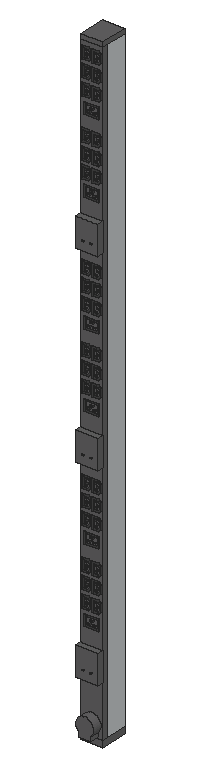
Revit family "PDU básico", category Installations électriques, Revit 2020
Family settings
  Conserver l'orientation des annotations = Non
  Cote de connecteur circulaire = Utiliser le diamètre
  Type d'élément = Normal
  Numéro OmniClass = 23.80.00.00
  Titre OmniClass = Electric Power and Lighting
  Basée sur le plan de construction = Non
  Toujours verticalement = Oui
  Couper avec des vides une fois chargée = Non
  Partagée = Non
  Point de calcul de pièce = Non
Parameters (values of type "PDU HD 0U 3P 32A 36xC13+6xC19")
  Tipo de tensión = "AC"  # constant formula
  Tipo de conexión eléctrica = "CEE 32 A"
  Sección de cable MIN_MAX = "6-6"
  Programación = "Non applicable"
  Profundidad (mm) = 82.4 mm
  Profondeur cuve + capot = 65 mm
  Prise_alimentation = Alimentation : Prise rotative
  Número de tomas C19 = 6
  Número de tomas C13 = 36
  Número de pieza Legrand = "LG-646975"
  Número de fases = 3
  Número de disyuntores = 6
  Numero RAL = "9017"  # constant formula
  Marcaje = yes
  Longitud = 1488 mm
  IP = "IP20"
  Función = "Unidad DE DISTRIBUTION D'ENERGIE"  # constant formula
  Frecuencia eléctrica = "50-50"  # constant formula
  Formulación BIM = "Linkeo DATA CENTER BASIC PDU"  # constant formula
  Fabricant = "LEGRAND"  # constant formula
  Elévation par défaut = 0 mm
  EAN = "3414972471497"
  E-catalogo enlace = "https://www.legrand.fr/reference/646975/pro"
  Dirección de montaje = "Vertical"
  Description = "PDU HD BASIC 0U 3 PHASE 32A , 36+6 C13/C19 LOCKING OUTLETS, IEC 60309"
  Corriente de alimentación = "32-32"
  Consumo pasivo = 0 mA
  Conectable con internet box = no
  Color = "Negro"  # constant formula
  Clase de aplicación = "EC002762"  # constant formula
  Anchura (mm) = 52 mm
  646975 = yes
  646974 = no
  646973 = no
  646972 = no
  646971 = no
  646965 = no
  646964 = no
  646963 = no
  646962 = no
  646961 = no
  646960 = no
  646911 = no
  646910 = no
Reference planes
  plane 1 "Centre (avant/arrière)": y = 0
  plane 2: z = 0
  plane 3 "Centre (gauche/droite)": x = 0
  plane 4: x = -26
  plane 5: x = 26
  plane 6: y = -65
  plane 7: z = 1488
  plane 8: y = -55
  plane 9: z = 1477
  plane 10: z = 15
Forms (mm)
  Extrusion 1, solid, material "LEGRAND - Noir 9017"
    sketch origin (0, 0, 0) x (1, 0, 0) y (0, 1, 0)
      loop
        line (-26, 0) -> (-26, -65) -> (26, -65) -> (26, 0) -> (-26, 0)
    from 0 to 15
  Extrusion 2, solid, material "LEGRAND - Inox"
    sketch origin (0, 0, 0) x (1, 0, 0) y (0, 1, 0)
      loop
        line (-26, 0) -> (-26, -55) -> (26, -55) -> (26, 0) -> (-26, 0)
    from 15 to 1477
  Extrusion 3, solid, material "LEGRAND - Noir 9017"
    sketch origin (0, 0, 0) x (1, 0, 0) y (0, 1, 0)
      loop
        line (-26, -55) -> (-26, -65) -> (26, -65) -> (26, -55) -> (-26, -55)
    from 15 to 1477
  Extrusion 4, solid, material "LEGRAND - Noir 9017"
    sketch origin (0, 0, 0) x (1, 0, 0) y (0, 1, 0)
      loop
        line (-26, 0) -> (-26, -65) -> (26, -65) -> (26, 0) -> (-26, 0)
    from 1477 to 1488
Dimensions and locks
  equal spacing: plane 5, plane 3 "Centre (gauche/droite)", plane 4
  "Anchura (mm)": plane 5 to plane 4
  "Profondeur cuve + capot": plane 6 to plane 1 "Centre (avant/arrière)"
  locked: plane 8 to plane 6 at 10
  locked: plane 7 to plane 9 at 11
  locked: plane 10 to plane 2 at 15
  "Longitud": plane 7 to plane 2
  aligned and locked: level to plane 2
  aligned and locked: plane 1 "Centre (avant/arrière)" to Extrusion 1 sketch curve
  aligned and locked: Extrusion 1 sketch curve to plane 5
  aligned and locked: plane 4 to Extrusion 1 sketch curve
  aligned and locked: plane 1 "Centre (avant/arrière)" to Extrusion 2 sketch curve
  aligned and locked: Extrusion 2 sketch curve to plane 5
  aligned and locked: plane 8 to Extrusion 2 sketch curve
  aligned and locked: plane 4 to Extrusion 2 sketch curve
  aligned and locked: plane 9 to Extrusion 2
  aligned and locked: plane 4 to Extrusion 3 sketch curve
  aligned and locked: Extrusion 3 sketch curve to plane 5
  aligned and locked: Extrusion 3 sketch curve to plane 8
  aligned and locked: plane 6 to Extrusion 3 sketch curve
  aligned and locked: plane 9 to Extrusion 3
  aligned and locked: plane 6 to Extrusion 1 sketch curve
  aligned and locked: plane 1 "Centre (avant/arrière)" to Extrusion 4 sketch curve
  aligned and locked: Extrusion 4 sketch curve to plane 5
  aligned and locked: plane 6 to Extrusion 4 sketch curve
  aligned and locked: plane 4 to Extrusion 4 sketch curve
  aligned and locked: plane 7 to Extrusion 4
  aligned and locked: Extrusion 4 to plane 9
  aligned and locked: nested 1 to plane 6
  aligned and locked: plane 3 "Centre (gauche/droite)" to nested 1
  aligned and locked: Extrusion 3 to plane 10
  aligned and locked: plane 10 to Extrusion 1
  aligned and locked: Extrusion 1 to plane 2
  aligned and locked: Extrusion 2 to plane 10
  aligned and locked: nested 2 to plane 6
  aligned and locked: plane 3 "Centre (gauche/droite)" to nested 2
Nested families
  nested 1: "Basic PDU_Prises" at (0, -65, 0), type "Basic PDU_Prises", detail levels fine
    with 646975 yes, 646910 no
  nested 2: "Alimentation" at (0, -65, 0), type <- "Prise_alimentation", type "Prise rotative"
Connectors
  electrical at (0, -32.5, 0)
    settings: on Extrusion 1, index 1, voltage 0 V, apparent load 0 VA, apparent load phase1 0 VA, apparent load phase2 0 VA, apparent load phase3 0 VA, power factor 1, load classification "Autre", number of poles 1, system type 31, power factor state 1, is connector primary yes, connector utility no, sub classification motor no, connector description ""
Definition of nested family "Basic PDU_Prises"
  Parameters (values of type "Basic PDU_Prises")
    Default Elevation = 0 mm
    646975 = no
    646974 = no
    646973 = no
    646972 = no
    646971 = no
    646965 = no
    646964 = no
    646963 = no
    646962 = no
    646961 = no
    646960 = no
    646911 = no
    646910 = yes
  Reference planes
    plane 1 "Centre (avant/arrière)": y = 0
    plane 2: z = 0
    plane 3 "Centre (gauche/droite)": x = 0
    plane 4: x = -22.15
    plane 5: x = 22.15
    plane 6: x = -26
    plane 7: x = 26
  Lines and regions (mm)
    model lines, visible <- "646910"
      curve 1: line (-26, 0, 70.176) -> (26, 0, 70.176)
      curve 2: line (-26, 0, 115.174) -> (26, 0, 115.174)
      curve 3: line (-26, 0, 199.026) -> (26, 0, 199.026)
      curve 4: line (-26, 0, 316.162) -> (26, 0, 316.162)
      curve 5: line (-26, 0, 433.215) -> (26, 0, 433.215)
      curve 6: line (-26, 0, 448.161) -> (26, 0, 448.161)
      curve 7: line (-26, 0, 532.002) -> (26, 0, 532.002)
      curve 8: line (-26, 0, 649.189) -> (26, 0, 649.189)
      curve 9: line (-26, 0, 766.177) -> (26, 0, 766.177)
      curve 10: line (-26, 0, 865.101) -> (26, 0, 865.101)
      curve 11: line (-26, 0, 982.199) -> (26, 0, 982.199)
      curve 12: line (-26, 0, 781.274) -> (26, 0, 781.274)
    model lines, visible <- "646911"
      curve 13: line (-26, 0, 1039.117) -> (26, 0, 1039.117)
      curve 14: line (-26, 0, 961.117) -> (26, 0, 961.117)
      curve 15: line (-26, 0, 778.196) -> (26, 0, 778.196)
      curve 16: line (-26, 0, 877.193) -> (26, 0, 877.193)
      curve 17: line (-26, 0, 793.193) -> (26, 0, 793.193)
      curve 18: line (-26, 0, 700.123) -> (26, 0, 700.123)
      curve 19: line (-26, 0, 622.123) -> (26, 0, 622.123)
      curve 20: line (-26, 0, 622.123) -> (26, 0, 622.123)
      curve 21: line (-26, 0, 439.201) -> (26, 0, 439.201)
      curve 22: line (-26, 0, 538.199) -> (26, 0, 538.199)
      curve 23: line (-26, 0, 454.199) -> (26, 0, 454.199)
      curve 24: line (-26, 0, 361.128) -> (26, 0, 361.128)
      curve 25: line (-26, 0, 283.128) -> (26, 0, 283.128)
      curve 26: line (-26, 0, 199.204) -> (26, 0, 199.204)
      curve 27: line (-26, 0, 115.204) -> (26, 0, 115.204)
      curve 28: line (-26, 0, 70.494) -> (26, 0, 70.494)
    model lines, visible <- "646960"
      curve 29: line (-22.15, 0, 241.166) -> (22.15, 0, 241.166)
      curve 30: line (-22.15, 0, 340.125) -> (22.15, 0, 340.125)
      curve 31: line (-22.15, 0, 439.084) -> (22.15, 0, 439.084)
      curve 32: line (-22.15, 0, 664.004) -> (22.15, 0, 664.004)
      curve 33: line (-22.15, 0, 763.004) -> (22.15, 0, 763.004)
      curve 34: line (-22.15, 0, 862.004) -> (22.15, 0, 862.004)
      curve 35: line (-22.15, 0, 115.214) -> (22.15, 0, 115.214)
      curve 36: line (-22.15, 0, 70.195) -> (22.15, 0, 70.195)
      curve 37: line (-22.15, 0, 538.052) -> (22.15, 0, 538.052)
    model lines, visible <- "646961"
      curve 38: line (-22.15, 0, 60.018) -> (22.15, 0, 60.018)
      curve 39: line (-22.15, 0, 473.857) -> (22.15, 0, 473.857)
      curve 40: line (-22.15, 0, 143.84) -> (22.15, 0, 143.84)
      curve 41: line (-22.15, 0, 242.799) -> (22.15, 0, 242.799)
      curve 42: line (-22.15, 0, 557.678) -> (22.15, 0, 557.678)
      curve 43: line (-22.15, 0, 656.653) -> (22.15, 0, 656.653)
      curve 44: line (-22.15, 0, 341.759) -> (22.15, 0, 341.759)
      curve 45: line (-22.15, 0, 407.759) -> (22.15, 0, 407.759)
      curve 46: line (-22.15, 0, 755.637) -> (22.15, 0, 755.637)
      curve 47: line (-22.15, 0, 821.637) -> (22.15, 0, 821.637)
    model lines, visible <- "646962"
      curve 48: line (-22.15, 0, 115.275) -> (22.15, 0, 115.275)
      curve 49: line (-22.15, 0, 70.208) -> (22.15, 0, 70.208)
      curve 50: line (-22.15, 0, 220.205) -> (22.15, 0, 220.205)
      curve 51: line (-22.15, 0, 235.525) -> (22.15, 0, 235.525)
      curve 52: line (-22.15, 0, 649.145) -> (22.15, 0, 649.145)
      curve 53: line (-22.15, 0, 664.465) -> (22.15, 0, 664.465)
      curve 54: line (-22.15, 0, 319.347) -> (22.15, 0, 319.347)
      curve 55: line (-22.15, 0, 418.347) -> (22.15, 0, 418.347)
      curve 56: line (-22.15, 0, 748.286) -> (22.15, 0, 748.286)
      curve 57: line (-22.15, 0, 847.286) -> (22.15, 0, 847.286)
      curve 58: line (-22.15, 0, 517.306) -> (22.15, 0, 517.306)
      curve 59: line (-22.15, 0, 583.306) -> (22.15, 0, 583.306)
      curve 60: line (-22.15, 0, 946.245) -> (22.15, 0, 946.245)
      curve 61: line (-22.15, 0, 1012.245) -> (22.15, 0, 1012.245)
    model lines, visible <- "646963"
      curve 62: line (-22.15, 0, 115.275) -> (22.15, 0, 115.275)
      curve 63: line (-22.15, 0, 70.208) -> (22.15, 0, 70.208)
      curve 64: line (-22.15, 0, 220.205) -> (22.15, 0, 220.205)
      curve 65: line (-22.15, 0, 235.394) -> (22.15, 0, 235.394)
      curve 66: line (-22.15, 0, 361.355) -> (22.15, 0, 361.355)
      curve 67: line (-22.15, 0, 700.025) -> (22.15, 0, 700.025)
      curve 68: line (-22.15, 0, 825.959) -> (22.15, 0, 825.959)
      curve 69: line (-22.15, 0, 486.807) -> (22.15, 0, 486.807)
      curve 70: line (-22.15, 0, 585.807) -> (22.15, 0, 585.807)
      curve 71: line (-22.15, 0, 951.85) -> (22.15, 0, 951.85)
      curve 72: line (-22.15, 0, 1050.85) -> (22.15, 0, 1050.85)
      curve 73: line (-22.15, 0, 684.925) -> (22.15, 0, 684.925)
    model lines, visible <- "646964"
      curve 74: line (-22.15, 0, 70.173) -> (22.15, 0, 70.173)
      curve 75: line (-22.15, 0, 115.18) -> (22.15, 0, 115.18)
      curve 76: line (-22.15, 0, 157.165) -> (22.15, 0, 157.165)
      curve 77: line (-22.15, 0, 256.125) -> (22.15, 0, 256.125)
      curve 78: line (-22.15, 0, 322.125) -> (22.15, 0, 322.125)
      curve 79: line (-22.15, 0, 388.151) -> (22.15, 0, 388.151)
      curve 80: line (-22.15, 0, 403.18) -> (22.15, 0, 403.18)
      curve 81: line (-22.15, 0, 445.165) -> (22.15, 0, 445.165)
      curve 82: line (-22.15, 0, 544.125) -> (22.15, 0, 544.125)
      curve 83: line (-22.15, 0, 610.125) -> (22.15, 0, 610.125)
      curve 84: line (-22.15, 0, 676.151) -> (22.15, 0, 676.151)
      curve 85: line (-22.15, 0, 691.18) -> (22.15, 0, 691.18)
      curve 86: line (-22.15, 0, 733.165) -> (22.15, 0, 733.165)
      curve 87: line (-22.15, 0, 832.125) -> (22.15, 0, 832.125)
      curve 88: line (-22.15, 0, 898.125) -> (22.15, 0, 898.125)
    model lines, visible <- "646965"
      curve 89: line (-22.15, 0, 115.344) -> (22.15, 0, 115.344)
      curve 90: line (-22.15, 0, 199.166) -> (22.15, 0, 199.166)
      curve 91: line (-22.15, 0, 70.09) -> (22.15, 0, 70.09)
      curve 92: line (-22.15, 0, 265.166) -> (22.15, 0, 265.166)
      curve 93: line (-22.15, 0, 331.125) -> (22.15, 0, 331.125)
      curve 94: line (-22.15, 0, 397.125) -> (22.15, 0, 397.125)
      curve 95: line (-22.15, 0, 463.087) -> (22.15, 0, 463.087)
      curve 96: line (-22.15, 0, 478.344) -> (22.15, 0, 478.344)
      curve 97: line (-22.15, 0, 562.166) -> (22.15, 0, 562.166)
      curve 98: line (-22.15, 0, 628.166) -> (22.15, 0, 628.166)
      curve 99: line (-22.15, 0, 694.125) -> (22.15, 0, 694.125)
      curve 100: line (-22.15, 0, 760.125) -> (22.15, 0, 760.125)
      curve 101: line (-22.15, 0, 826.087) -> (22.15, 0, 826.087)
      curve 102: line (-22.15, 0, 841.344) -> (22.15, 0, 841.344)
      curve 103: line (-22.15, 0, 925.166) -> (22.15, 0, 925.166)
      curve 104: line (-22.15, 0, 991.166) -> (22.15, 0, 991.166)
      curve 105: line (-22.15, 0, 1057.125) -> (22.15, 0, 1057.125)
      curve 106: line (-22.15, 0, 1123.125) -> (22.15, 0, 1123.125)
    model lines, visible <- "646971"
      curve 107: line (-26, 0, 114.999) -> (26, 0, 114.999)
      curve 108: line (-26, 0, 70.207) -> (26, 0, 70.207)
      curve 109: line (-26, 0, 235.085) -> (26, 0, 235.085)
      curve 110: line (-26, 0, 220.068) -> (26, 0, 220.068)
      curve 111: line (-26, 0, 361.046) -> (26, 0, 361.046)
      curve 112: line (-26, 0, 486.751) -> (26, 0, 486.751)
      curve 113: line (-26, 0, 603.751) -> (26, 0, 603.751)
      curve 114: line (-26, 0, 720.852) -> (26, 0, 720.852)
      curve 115: line (-26, 0, 735.642) -> (26, 0, 735.642)
      curve 116: line (-26, 0, 861.603) -> (26, 0, 861.603)
      curve 117: line (-26, 0, 987.308) -> (26, 0, 987.308)
      curve 118: line (-26, 0, 1104.308) -> (26, 0, 1104.308)
    model lines, visible <- "646972"
      curve 119: line (-26, 0, 114.999) -> (26, 0, 114.999)
      curve 120: line (-26, 0, 70.207) -> (26, 0, 70.207)
      curve 121: line (-26, 0, 235.085) -> (26, 0, 235.085)
      curve 122: line (-26, 0, 220.068) -> (26, 0, 220.068)
      curve 123: line (-26, 0, 360.725) -> (26, 0, 360.725)
      curve 124: line (-26, 0, 477.725) -> (26, 0, 477.725)
      curve 125: line (-26, 0, 594.725) -> (26, 0, 594.725)
      curve 126: line (-26, 0, 726.698) -> (26, 0, 726.698)
      curve 127: line (-26, 0, 711.681) -> (26, 0, 711.681)
      curve 128: line (-26, 0, 852.338) -> (26, 0, 852.338)
      curve 129: line (-26, 0, 969.338) -> (26, 0, 969.338)
      curve 130: line (-26, 0, 1086.338) -> (26, 0, 1086.338)
    model lines, visible <- "646973"
      curve 131: line (-26, 0, 115.098) -> (26, 0, 115.098)
      curve 132: line (-26, 0, 70.306) -> (26, 0, 70.306)
      curve 133: line (-26, 0, 235.184) -> (26, 0, 235.184)
      curve 134: line (-26, 0, 220.167) -> (26, 0, 220.167)
      curve 135: line (-26, 0, 318.824) -> (26, 0, 318.824)
      curve 136: line (-26, 0, 411.83) -> (26, 0, 411.83)
      curve 137: line (-26, 0, 396.812) -> (26, 0, 396.812)
      curve 138: line (-26, 0, 495.651) -> (26, 0, 495.651)
      curve 139: line (-26, 0, 573.899) -> (26, 0, 573.899)
      curve 140: line (-26, 0, 693.985) -> (26, 0, 693.985)
      curve 141: line (-26, 0, 678.967) -> (26, 0, 678.967)
      curve 142: line (-26, 0, 777.625) -> (26, 0, 777.625)
      curve 143: line (-26, 0, 870.63) -> (26, 0, 870.63)
      curve 144: line (-26, 0, 855.613) -> (26, 0, 855.613)
      curve 145: line (-26, 0, 954.451) -> (26, 0, 954.451)
      curve 146: line (-26, 0, 1032.376) -> (26, 0, 1032.376)
      curve 147: line (-26, 0, 1152.462) -> (26, 0, 1152.462)
      curve 148: line (-26, 0, 1137.445) -> (26, 0, 1137.445)
      curve 149: line (-26, 0, 1236.102) -> (26, 0, 1236.102)
      curve 150: line (-26, 0, 1329.107) -> (26, 0, 1329.107)
      curve 151: line (-26, 0, 1314.09) -> (26, 0, 1314.09)
      curve 152: line (-26, 0, 1412.929) -> (26, 0, 1412.929)
    model lines, visible <- "646974"
      curve 153: line (-26, 0, 115.098) -> (26, 0, 115.098)
      curve 154: line (-26, 0, 70.306) -> (26, 0, 70.306)
      curve 155: line (-26, 0, 235.184) -> (26, 0, 235.184)
      curve 156: line (-26, 0, 220.167) -> (26, 0, 220.167)
      curve 157: line (-26, 0, 318.824) -> (26, 0, 318.824)
      curve 158: line (-26, 0, 450.83) -> (26, 0, 450.83)
      curve 159: line (-26, 0, 435.813) -> (26, 0, 435.813)
      curve 160: line (-26, 0, 534.47) -> (26, 0, 534.47)
      curve 161: line (-26, 0, 651.513) -> (26, 0, 651.513)
      curve 162: line (-26, 0, 771.599) -> (26, 0, 771.599)
      curve 163: line (-26, 0, 756.581) -> (26, 0, 756.581)
      curve 164: line (-26, 0, 855.239) -> (26, 0, 855.239)
      curve 165: line (-26, 0, 987.245) -> (26, 0, 987.245)
      curve 166: line (-26, 0, 972.228) -> (26, 0, 972.228)
      curve 167: line (-26, 0, 1070.885) -> (26, 0, 1070.885)
      curve 168: line (-26, 0, 1187.877) -> (26, 0, 1187.877)
      curve 169: line (-26, 0, 1307.963) -> (26, 0, 1307.963)
      curve 170: line (-26, 0, 1292.946) -> (26, 0, 1292.946)
      curve 171: line (-26, 0, 1391.603) -> (26, 0, 1391.603)
      curve 172: line (-26, 0, 1523.609) -> (26, 0, 1523.609)
      curve 173: line (-26, 0, 1508.592) -> (26, 0, 1508.592)
      curve 174: line (-26, 0, 1607.249) -> (26, 0, 1607.249)
    model lines, visible <- "646975"
      curve 175: line (-26, 0, 115.166) -> (26, 0, 115.166)
      curve 176: line (-26, 0, 70.374) -> (26, 0, 70.374)
      curve 177: line (-26, 0, 235.252) -> (26, 0, 235.252)
      curve 178: line (-26, 0, 220.234) -> (26, 0, 220.234)
      curve 179: line (-26, 0, 277.206) -> (26, 0, 277.206)
      curve 180: line (-26, 0, 409.446) -> (26, 0, 409.446)
      curve 181: line (-26, 0, 394.428) -> (26, 0, 394.428)
      curve 182: line (-26, 0, 451.4) -> (26, 0, 451.4)
      curve 183: line (-26, 0, 568.714) -> (26, 0, 568.714)
      curve 184: line (-26, 0, 688.8) -> (26, 0, 688.8)
      curve 185: line (-26, 0, 673.782) -> (26, 0, 673.782)
      curve 186: line (-26, 0, 730.754) -> (26, 0, 730.754)
      curve 187: line (-26, 0, 862.994) -> (26, 0, 862.994)
      curve 188: line (-26, 0, 847.976) -> (26, 0, 847.976)
      curve 189: line (-26, 0, 904.948) -> (26, 0, 904.948)
      curve 190: line (-26, 0, 1020.462) -> (26, 0, 1020.462)
      curve 191: line (-26, 0, 1140.548) -> (26, 0, 1140.548)
      curve 192: line (-26, 0, 1125.53) -> (26, 0, 1125.53)
      curve 193: line (-26, 0, 1182.502) -> (26, 0, 1182.502)
      curve 194: line (-26, 0, 1314.742) -> (26, 0, 1314.742)
      curve 195: line (-26, 0, 1299.724) -> (26, 0, 1299.724)
      curve 196: line (-26, 0, 1356.695) -> (26, 0, 1356.695)
  Dimensions and locks
    equal spacing: plane 5, plane 3 "Centre (gauche/droite)", plane 4
    locked: plane 5 to plane 4 at 44.3
    equal spacing: plane 7, plane 3 "Centre (gauche/droite)", plane 6
    plane 7 to plane 6 = 52 mm
    aligned and locked: level to plane 2
    aligned and locked: plane 1 "Centre (avant/arrière)" to nested 1
    aligned and locked: plane 1 "Centre (avant/arrière)" to nested 19
    aligned and locked: plane 1 "Centre (avant/arrière)" to nested 67
  Automatic sketch dimensions
    curve 175 to plane 6 = 0 mm
    curve 196 to plane 6 = 0 mm
    curve 177 to plane 6 = 0 mm
    curve 195 to plane 6 = 0 mm
    curve 178 to plane 6 = 0 mm
    curve 194 to plane 6 = 0 mm
    curve 179 to plane 6 = 0 mm
    curve 193 to plane 6 = 0 mm
    curve 180 to plane 6 = 0 mm
    curve 192 to plane 6 = 0 mm
    curve 181 to plane 6 = 0 mm
    curve 191 to plane 6 = 0 mm
    curve 182 to plane 6 = 0 mm
    curve 190 to plane 6 = 0 mm
    curve 183 to plane 6 = 0 mm
    curve 189 to plane 6 = 0 mm
    curve 184 to plane 6 = 0 mm
    curve 188 to plane 6 = 0 mm
    curve 185 to plane 6 = 0 mm
    curve 187 to plane 6 = 0 mm
    curve 186 to plane 6 = 0 mm
    curve 176 to plane 6 = 0 mm
    curve 185 to plane 7 = 0 mm
    curve 187 to plane 7 = 0 mm
    curve 184 to plane 7 = 0 mm
    curve 188 to plane 7 = 0 mm
    curve 183 to plane 7 = 0 mm
    curve 189 to plane 7 = 0 mm
    curve 182 to plane 7 = 0 mm
    curve 190 to plane 7 = 0 mm
    curve 181 to plane 7 = 0 mm
    curve 191 to plane 7 = 0 mm
    curve 180 to plane 7 = 0 mm
    curve 192 to plane 7 = 0 mm
    curve 179 to plane 7 = 0 mm
    curve 193 to plane 7 = 0 mm
    curve 178 to plane 7 = 0 mm
    curve 194 to plane 7 = 0 mm
    curve 177 to plane 7 = 0 mm
    curve 195 to plane 7 = 0 mm
    curve 176 to plane 7 = 0 mm
    curve 186 to plane 7 = 0 mm
    curve 175 to plane 7 = 0 mm
    curve 196 to plane 7 = 0 mm
    level to curve 38 = 60.018 mm
    level to curve 153 = 115.098 mm
    curve 153 to plane 7 = 52 mm
    curve 174 to plane 7 = 52 mm
    curve 153 to curve 154 = 0 mm  (x2)
    curve 174 to curve 173 = 0 mm
    curve 155 to curve 153 = 0 mm
    curve 172 to curve 173 = 0 mm  (x2)
    curve 155 to curve 156 = 0 mm  (x2)
    curve 173 to curve 171 = 0 mm
    curve 157 to curve 155 = 0 mm
    curve 171 to curve 170 = 0 mm
    curve 158 to curve 157 = 0 mm
    curve 169 to curve 170 = 0 mm  (x2)
    curve 158 to curve 159 = 0 mm  (x2)
    curve 170 to curve 168 = 0 mm
    curve 160 to curve 158 = 0 mm
    curve 168 to curve 167 = 0 mm
    curve 161 to curve 160 = 0 mm
    curve 167 to curve 166 = 0 mm
    curve 162 to curve 161 = 0 mm
    curve 165 to curve 166 = 0 mm  (x2)
    curve 162 to curve 163 = 0 mm  (x2)
    curve 164 to curve 162 = 0 mm
    curve 163 to curve 163 = 52 mm
    curve 164 to curve 164 = 52 mm
    curve 165 to curve 165 = 52 mm
    curve 161 to curve 161 = 52 mm
    curve 160 to curve 160 = 52 mm
    curve 167 to curve 167 = 52 mm
    curve 159 to curve 159 = 52 mm
    curve 168 to curve 168 = 52 mm
    curve 169 to curve 169 = 52 mm
    curve 157 to curve 157 = 52 mm
    curve 156 to curve 156 = 52 mm
    curve 171 to curve 171 = 52 mm
    curve 172 to curve 172 = 52 mm
    curve 154 to curve 154 = 52 mm
    curve 174 to curve 174 = 52 mm
    curve 131 to curve 153 = 52 mm
    curve 152 to curve 171 = 52 mm
    curve 133 to curve 131 = 0 mm
    curve 152 to curve 151 = 0 mm
    curve 133 to curve 134 = 0 mm  (x2)
    curve 150 to curve 151 = 0 mm  (x2)
    curve 135 to curve 133 = 0 mm
    curve 151 to curve 149 = 0 mm
    curve 136 to curve 135 = 0 mm
    curve 149 to curve 148 = 0 mm
    curve 136 to curve 137 = 0 mm  (x2)
    curve 147 to curve 148 = 0 mm  (x2)
    curve 138 to curve 136 = 0 mm
    curve 148 to curve 146 = 0 mm
    curve 139 to curve 138 = 0 mm
    curve 146 to curve 145 = 0 mm
    curve 140 to curve 139 = 0 mm
    curve 145 to curve 144 = 0 mm
    curve 140 to curve 141 = 0 mm  (x2)
    curve 143 to curve 144 = 0 mm  (x2)
    curve 144 to curve 142 = 0 mm
    curve 131 to curve 132 = 0 mm  (x2)
    curve 141 to curve 141 = 52 mm
    curve 143 to curve 143 = 52 mm
    curve 139 to curve 139 = 52 mm
    curve 145 to curve 145 = 52 mm
    curve 138 to curve 138 = 52 mm
    curve 146 to curve 146 = 52 mm
    curve 137 to curve 137 = 52 mm
    curve 147 to curve 147 = 52 mm
    curve 135 to curve 135 = 52 mm
    curve 149 to curve 149 = 52 mm
    curve 134 to curve 134 = 52 mm
    curve 150 to curve 150 = 52 mm
    curve 132 to curve 132 = 52 mm
    curve 142 to curve 142 = 52 mm
    curve 152 to curve 152 = 52 mm
    curve 119 to curve 131 = 52 mm
    curve 130 to curve 148 = 52 mm
    curve 121 to curve 119 = 0 mm
    curve 130 to curve 129 = 0 mm
    curve 121 to curve 122 = 0 mm  (x2)
    curve 129 to curve 128 = 0 mm
    curve 123 to curve 121 = 0 mm
    curve 128 to curve 127 = 0 mm
    curve 124 to curve 123 = 0 mm
    curve 126 to curve 127 = 0 mm  (x2)
    curve 127 to curve 125 = 0 mm
    curve 119 to curve 120 = 0 mm  (x2)
    curve 124 to curve 124 = 52 mm
    curve 126 to curve 126 = 52 mm
    curve 123 to curve 123 = 52 mm
    curve 122 to curve 122 = 52 mm
    curve 128 to curve 128 = 52 mm
    curve 129 to curve 129 = 52 mm
    curve 120 to curve 120 = 52 mm
    curve 125 to curve 125 = 52 mm
    curve 130 to curve 130 = 52 mm
    curve 108 to curve 120 = 52 mm
    curve 118 to curve 130 = 52 mm
    curve 107 to curve 108 = 0 mm  (x2)
    curve 118 to curve 117 = 0 mm
    curve 109 to curve 107 = 0 mm
    curve 116 to curve 128 = 52 mm
    curve 109 to curve 110 = 0 mm  (x2)
    curve 115 to curve 126 = 52 mm
    curve 111 to curve 123 = 52 mm
    curve 115 to curve 114 = 0 mm  (x2)
    curve 112 to curve 124 = 52 mm
    curve 113 to curve 112 = 0 mm
    curve 112 to curve 112 = 52 mm
    curve 113 to curve 113 = 52 mm
    curve 111 to curve 111 = 52 mm
    curve 114 to curve 114 = 52 mm
    curve 110 to curve 110 = 52 mm
    curve 116 to curve 116 = 52 mm
    curve 117 to curve 117 = 52 mm
    curve 108 to curve 108 = 52 mm
    curve 118 to curve 118 = 52 mm
    curve 90 to curve 110 = 48.15 mm
    curve 92 to curve 90 = 0 mm
    curve 89 to curve 107 = 48.15 mm
    curve 89 to curve 91 = 0 mm
    curve 93 to curve 92 = 0 mm
    curve 106 to curve 118 = 48.15 mm
    curve 94 to curve 93 = 0 mm
    curve 106 to curve 105 = 0 mm
    curve 95 to curve 94 = 0 mm
    curve 105 to curve 104 = 0 mm
    curve 96 to curve 95 = 0 mm  (x2)
    curve 104 to curve 103 = 0 mm
    curve 97 to curve 113 = 48.15 mm
    curve 102 to curve 116 = 48.15 mm
    curve 98 to curve 97 = 0 mm
    curve 102 to curve 101 = 0 mm  (x2)
    curve 99 to curve 98 = 0 mm
    curve 101 to curve 100 = 0 mm
    curve 99 to curve 99 = 44.3 mm
    curve 100 to curve 100 = 44.3 mm
    curve 98 to curve 98 = 44.3 mm
    curve 101 to curve 101 = 44.3 mm
    curve 97 to curve 97 = 44.3 mm
    curve 96 to curve 96 = 44.3 mm
    curve 103 to curve 103 = 44.3 mm
    curve 104 to curve 104 = 44.3 mm
    curve 94 to curve 94 = 44.3 mm
    curve 105 to curve 105 = 44.3 mm
    curve 93 to curve 93 = 44.3 mm
    curve 106 to curve 106 = 44.3 mm
    curve 92 to curve 92 = 44.3 mm
    curve 91 to curve 91 = 44.3 mm
    curve 90 to curve 90 = 44.3 mm
    curve 89 to curve 89 = 44.3 mm
    curve 75 to curve 89 = 44.3 mm
    curve 88 to curve 103 = 44.3 mm
    curve 76 to curve 75 = 0 mm  (x2)
    curve 88 to curve 87 = 0 mm
    curve 77 to curve 76 = 0 mm
    curve 87 to curve 86 = 0 mm
    curve 75 to curve 74 = 0 mm
    curve 86 to curve 85 = 0 mm
    curve 78 to curve 77 = 0 mm
    curve 85 to curve 84 = 0 mm  (x2)
    curve 79 to curve 78 = 0 mm
    curve 84 to curve 83 = 0 mm
    curve 80 to curve 79 = 0 mm  (x2)
    curve 83 to curve 82 = 0 mm
    curve 81 to curve 80 = 0 mm  (x2)
    curve 81 to curve 81 = 44.3 mm
    curve 82 to curve 82 = 44.3 mm
    curve 83 to curve 83 = 44.3 mm
    curve 78 to curve 78 = 44.3 mm
    curve 84 to curve 84 = 44.3 mm
    curve 77 to curve 77 = 44.3 mm
    curve 86 to curve 86 = 44.3 mm
    curve 76 to curve 76 = 44.3 mm
    curve 87 to curve 87 = 44.3 mm
    curve 88 to curve 88 = 44.3 mm
    curve 74 to curve 74 = 44.3 mm
    curve 62 to curve 75 = 44.3 mm
    curve 73 to curve 85 = 44.3 mm
    curve 64 to curve 77 = 44.3 mm
    curve 72 to curve 88 = 44.3 mm
    curve 65 to curve 64 = 0 mm  (x2)
    curve 71 to curve 88 = 44.3 mm
    curve 66 to curve 79 = 44.3 mm
    curve 70 to curve 83 = 44.3 mm
    curve 67 to curve 73 = 0 mm  (x2)
    curve 69 to curve 81 = 44.3 mm
    curve 68 to curve 87 = 44.3 mm
    curve 62 to curve 63 = 0 mm
    curve 67 to curve 67 = 44.3 mm
    curve 69 to curve 69 = 44.3 mm
    curve 66 to curve 66 = 44.3 mm
    curve 70 to curve 70 = 44.3 mm
    curve 65 to curve 65 = 44.3 mm
    curve 71 to curve 71 = 44.3 mm
    curve 72 to curve 72 = 44.3 mm
    curve 63 to curve 63 = 44.3 mm
    curve 68 to curve 68 = 44.3 mm
    curve 62 to curve 62 = 44.3 mm
    curve 48 to curve 62 = 44.3 mm
    curve 61 to curve 72 = 44.3 mm
    curve 48 to curve 49 = 0 mm
    curve 61 to curve 60 = 0 mm
    curve 50 to curve 64 = 44.3 mm
    curve 59 to curve 70 = 44.3 mm
    curve 51 to curve 50 = 0 mm  (x2)
    curve 59 to curve 58 = 0 mm
    curve 52 to curve 59 = 0 mm
    curve 60 to curve 57 = 0 mm
    curve 53 to curve 52 = 0 mm  (x2)
    curve 56 to curve 53 = 0 mm
    curve 54 to curve 51 = 0 mm
    curve 58 to curve 55 = 0 mm
    curve 54 to curve 54 = 44.3 mm
    curve 55 to curve 55 = 44.3 mm
    curve 53 to curve 53 = 44.3 mm
    curve 56 to curve 56 = 44.3 mm
    curve 57 to curve 57 = 44.3 mm
    curve 51 to curve 51 = 44.3 mm
    curve 58 to curve 58 = 44.3 mm
    curve 59 to curve 59 = 44.3 mm
    curve 49 to curve 49 = 44.3 mm
    curve 60 to curve 60 = 44.3 mm
    curve 48 to curve 48 = 44.3 mm
    curve 61 to curve 61 = 44.3 mm
    curve 39 to curve 58 = 44.3 mm
    curve 47 to curve 57 = 44.3 mm
    curve 40 to curve 48 = 44.3 mm
    curve 47 to curve 46 = 0 mm
    curve 41 to curve 40 = 0 mm
    curve 39 to curve 45 = 0 mm
    curve 42 to curve 39 = 0 mm
    curve 45 to curve 44 = 0 mm
    curve 43 to curve 42 = 0 mm
    curve 40 to curve 38 = 0 mm
    curve 42 to curve 42 = 44.3 mm
    curve 44 to curve 44 = 44.3 mm
    curve 41 to curve 41 = 44.3 mm
    curve 45 to curve 45 = 44.3 mm
    curve 40 to curve 40 = 44.3 mm
    curve 46 to curve 46 = 44.3 mm
    curve 39 to curve 39 = 44.3 mm
    curve 47 to curve 47 = 44.3 mm
    curve 38 to curve 38 = 44.3 mm
    curve 43 to curve 43 = 44.3 mm
    curve 33 to curve 46 = 44.3 mm
    curve 37 to curve 42 = 44.3 mm
    curve 30 to curve 44 = 44.3 mm
    level to curve 36 = 70.195 mm
    curve 36 to curve 38 = 44.3 mm
    curve 31 to curve 30 = 0 mm
    curve 35 to curve 36 = 0 mm
    curve 33 to curve 32 = 0 mm
    curve 34 to curve 33 = 0 mm
    curve 30 to curve 29 = 0 mm
    curve 33 to curve 33 = 44.3 mm
    curve 32 to curve 32 = 44.3 mm
    curve 34 to curve 34 = 44.3 mm
    curve 31 to curve 31 = 44.3 mm
    curve 35 to curve 35 = 44.3 mm
    curve 30 to curve 30 = 44.3 mm
    curve 36 to curve 36 = 44.3 mm
    curve 29 to curve 29 = 44.3 mm
    curve 37 to curve 37 = 44.3 mm
    curve 13 to curve 34 = 48.15 mm
    curve 28 to curve 36 = 48.15 mm
    curve 15 to curve 33 = 48.15 mm
    curve 27 to curve 28 = 0 mm  (x2)
    curve 16 to curve 15 = 0 mm
    curve 26 to curve 27 = 0 mm
    curve 17 to curve 15 = 0 mm  (x2)
    curve 25 to curve 26 = 0 mm
    curve 15 to curve 18 = 0 mm
    curve 24 to curve 25 = 0 mm
    curve 18 to curve 19 = 0 mm
    curve 23 to curve 24 = 0 mm
    curve 19 to curve 20 = 0 mm  (x2)
    curve 20 to curve 22 = 0 mm
    curve 23 to curve 21 = 0 mm  (x2)
    curve 13 to curve 14 = 0 mm
    curve 20 to curve 20 = 52 mm
    curve 22 to curve 22 = 52 mm
    curve 23 to curve 23 = 52 mm
    curve 18 to curve 18 = 52 mm
    curve 24 to curve 24 = 52 mm
    curve 17 to curve 17 = 52 mm
    curve 25 to curve 25 = 52 mm
    curve 16 to curve 16 = 52 mm
    curve 26 to curve 26 = 52 mm
    curve 27 to curve 27 = 52 mm
    curve 14 to curve 14 = 52 mm
    curve 13 to curve 13 = 52 mm
    level to curve 1 = 70.176 mm
    curve 1 to curve 28 = 52 mm
    curve 12 to curve 15 = 52 mm
    curve 3 to curve 1 = 0 mm
    curve 11 to curve 14 = 52 mm
    curve 4 to curve 3 = 0 mm
    curve 10 to curve 12 = 0 mm
    curve 5 to curve 4 = 0 mm
    curve 12 to curve 9 = 0 mm  (x2)
    curve 6 to curve 5 = 0 mm  (x2)
    curve 9 to curve 8 = 0 mm
    curve 7 to curve 6 = 0 mm
    curve 2 to curve 1 = 0 mm  (x2)
    curve 6 to curve 6 = 52 mm
    curve 8 to curve 8 = 52 mm
    curve 9 to curve 9 = 52 mm
    curve 4 to curve 4 = 52 mm
    curve 10 to curve 10 = 52 mm
    curve 3 to curve 3 = 52 mm
    curve 11 to curve 11 = 52 mm
    curve 2 to curve 2 = 52 mm
    curve 7 to curve 7 = 52 mm
    level to curve 91 = 70.09 mm
    level to curve 74 = 70.173 mm
    level to curve 108 = 70.207 mm
    level to curve 120 = 70.207 mm
    level to curve 49 = 70.208 mm
    level to curve 63 = 70.208 mm
    level to curve 132 = 70.306 mm
    curve 154 to curve 153 = 44.792 mm
    level to curve 176 = 70.374 mm
    level to curve 28 = 70.494 mm
    curve 120 to curve 119 = 44.792 mm
    curve 108 to curve 107 = 44.792 mm
    curve 132 to curve 131 = 44.792 mm
    curve 176 to curve 175 = 44.792 mm
    curve 1 to curve 2 = 44.998 mm
    curve 74 to curve 75 = 45.007 mm
    curve 28 to curve 27 = 44.71 mm
    curve 36 to curve 35 = 45.018 mm
    curve 63 to curve 62 = 45.067 mm
    curve 49 to curve 48 = 45.067 mm
    curve 91 to curve 89 = 45.254 mm
    curve 38 to curve 40 = 83.822 mm
    curve 75 to curve 76 = 41.985 mm
    curve 2 to curve 3 = 83.852 mm
    curve 89 to curve 90 = 83.822 mm
    curve 27 to curve 26 = 84 mm
    curve 107 to curve 110 = 105.069 mm
    curve 119 to curve 122 = 105.069 mm
    curve 131 to curve 134 = 105.069 mm
    curve 153 to curve 156 = 105.069 mm
    curve 62 to curve 64 = 104.931 mm
    curve 48 to curve 50 = 104.931 mm
    curve 175 to curve 178 = 105.069 mm
    curve 110 to curve 109 = 15.017 mm
    curve 122 to curve 121 = 15.017 mm
    curve 156 to curve 155 = 15.017 mm
    curve 134 to curve 133 = 15.017 mm
    curve 178 to curve 177 = 15.017 mm
    curve 64 to curve 65 = 15.189 mm
    curve 50 to curve 51 = 15.32 mm
    curve 35 to curve 29 = 125.952 mm
    curve 40 to curve 41 = 98.959 mm
    curve 65 to curve 77 = 20.731 mm
    curve 90 to curve 92 = 66 mm
    curve 177 to curve 179 = 41.954 mm
    curve 26 to curve 25 = 83.924 mm
    curve 3 to curve 4 = 117.136 mm
    curve 155 to curve 157 = 83.64 mm
    curve 133 to curve 135 = 83.64 mm
    curve 51 to curve 54 = 83.821 mm
    curve 77 to curve 78 = 66 mm
    curve 92 to curve 93 = 65.959 mm
    curve 29 to curve 30 = 98.959 mm
    curve 41 to curve 44 = 98.96 mm
    curve 121 to curve 123 = 125.64 mm
    curve 123 to curve 111 = 0.32 mm
    curve 25 to curve 24 = 78 mm
    curve 78 to curve 66 = 39.229 mm
    curve 78 to curve 79 = 66.026 mm
    curve 179 to curve 181 = 117.223 mm
    curve 135 to curve 137 = 77.988 mm
    curve 93 to curve 94 = 66 mm
    curve 79 to curve 80 = 15.029 mm
    curve 44 to curve 45 = 66 mm
    curve 181 to curve 180 = 15.017 mm
    curve 137 to curve 136 = 15.017 mm
    curve 54 to curve 55 = 99 mm
    curve 4 to curve 5 = 117.053 mm
    curve 157 to curve 159 = 116.989 mm
    curve 30 to curve 31 = 98.959 mm
    curve 24 to curve 21 = 78.073 mm
    curve 80 to curve 81 = 41.985 mm
    curve 5 to curve 6 = 14.946 mm
    curve 159 to curve 158 = 15.017 mm
    curve 180 to curve 182 = 41.954 mm
    curve 21 to curve 23 = 14.997 mm
    curve 94 to curve 95 = 65.962 mm
    curve 45 to curve 39 = 66.097 mm
    curve 123 to curve 124 = 117 mm
    curve 95 to curve 96 = 15.257 mm
    curve 124 to curve 112 = 9.026 mm
    curve 55 to curve 69 = 68.46 mm
    curve 136 to curve 138 = 83.821 mm
    curve 55 to curve 58 = 98.959 mm
    curve 6 to curve 7 = 83.841 mm
    curve 158 to curve 160 = 83.64 mm
    curve 31 to curve 37 = 98.967 mm
    curve 23 to curve 22 = 84 mm
    curve 69 to curve 82 = 57.318 mm
    curve 39 to curve 42 = 83.822 mm
    curve 96 to curve 97 = 83.822 mm
    curve 182 to curve 183 = 117.314 mm
    curve 138 to curve 139 = 78.248 mm
    curve 58 to curve 59 = 66 mm
    curve 82 to curve 70 = 41.682 mm
    curve 124 to curve 125 = 117 mm
    curve 112 to curve 113 = 117 mm
    curve 82 to curve 83 = 66 mm
    curve 22 to curve 20 = 83.924 mm
    curve 20 to curve 19 = 0 mm
    curve 97 to curve 98 = 66 mm
    curve 59 to curve 52 = 65.838 mm
    curve 7 to curve 8 = 117.187 mm
    curve 160 to curve 161 = 117.042 mm
    curve 42 to curve 43 = 98.975 mm
    curve 37 to curve 32 = 125.952 mm
    curve 52 to curve 53 = 15.32 mm
    curve 183 to curve 185 = 105.069 mm
    curve 83 to curve 84 = 66.026 mm
    curve 139 to curve 141 = 105.069 mm
    curve 84 to curve 73 = 8.774 mm
    curve 185 to curve 184 = 15.017 mm
    curve 84 to curve 85 = 15.029 mm
    curve 141 to curve 140 = 15.017 mm
    curve 98 to curve 99 = 65.959 mm
    curve 73 to curve 67 = 15.1 mm
    curve 19 to curve 18 = 78 mm
    curve 125 to curve 127 = 116.955 mm
    curve 113 to curve 114 = 117.101 mm
    curve 127 to curve 126 = 15.017 mm
    curve 184 to curve 186 = 41.954 mm
    curve 85 to curve 86 = 41.985 mm
    curve 114 to curve 115 = 14.79 mm
    curve 53 to curve 56 = 83.822 mm
    curve 43 to curve 46 = 98.984 mm
    curve 161 to curve 163 = 105.069 mm
    curve 99 to curve 100 = 66 mm
    curve 32 to curve 33 = 99 mm
    curve 8 to curve 9 = 116.988 mm
    curve 163 to curve 162 = 15.017 mm
    curve 140 to curve 142 = 83.64 mm
    curve 18 to curve 15 = 78.073 mm
    curve 9 to curve 12 = 15.097 mm
    curve 15 to curve 17 = 14.997 mm
    curve 46 to curve 47 = 66 mm
    curve 67 to curve 68 = 125.934 mm
    curve 100 to curve 101 = 65.962 mm
    curve 68 to curve 87 = 6.166 mm
    curve 101 to curve 102 = 15.257 mm
    curve 56 to curve 57 = 99 mm
    curve 186 to curve 188 = 117.223 mm
    curve 126 to curve 128 = 125.64 mm
    curve 162 to curve 164 = 83.64 mm
    curve 142 to curve 144 = 77.988 mm
    curve 102 to curve 116 = 20.258 mm
    curve 33 to curve 34 = 99 mm
    curve 188 to curve 187 = 15.017 mm
    curve 12 to curve 10 = 83.826 mm
    curve 144 to curve 143 = 15.017 mm
    curve 17 to curve 16 = 84 mm
    curve 87 to curve 88 = 66 mm
    curve 187 to curve 189 = 41.954 mm
    curve 102 to curve 103 = 83.822 mm
    curve 57 to curve 60 = 98.959 mm
    curve 88 to curve 71 = 53.725 mm
    curve 143 to curve 145 = 83.821 mm
    curve 16 to curve 14 = 83.924 mm
    curve 128 to curve 129 = 117 mm
    curve 164 to curve 166 = 116.989 mm
    curve 10 to curve 11 = 117.098 mm
    curve 166 to curve 165 = 15.017 mm
    curve 129 to curve 117 = 17.97 mm
    curve 103 to curve 104 = 66 mm
    curve 60 to curve 61 = 66 mm
    curve 189 to curve 190 = 115.514 mm
    curve 145 to curve 146 = 77.925 mm
    curve 14 to curve 13 = 78 mm
    curve 71 to curve 72 = 99 mm
    curve 104 to curve 105 = 65.959 mm
    curve 165 to curve 167 = 83.64 mm
    curve 129 to curve 130 = 117 mm
    curve 117 to curve 118 = 117 mm
    curve 105 to curve 106 = 66 mm
    curve 190 to curve 192 = 105.069 mm
    curve 146 to curve 148 = 105.069 mm
    curve 192 to curve 191 = 15.017 mm
    curve 148 to curve 147 = 15.017 mm
    curve 191 to curve 193 = 41.954 mm
    curve 167 to curve 168 = 116.992 mm
    curve 147 to curve 149 = 83.64 mm
    curve 168 to curve 170 = 105.069 mm
    curve 193 to curve 195 = 117.223 mm
    curve 170 to curve 169 = 15.017 mm
    curve 149 to curve 151 = 77.988 mm
    curve 195 to curve 194 = 15.017 mm
    curve 151 to curve 150 = 15.017 mm
    curve 194 to curve 196 = 41.954 mm
    curve 169 to curve 171 = 83.64 mm
    curve 150 to curve 152 = 83.821 mm
    curve 171 to curve 173 = 116.989 mm
    curve 173 to curve 172 = 15.017 mm
    curve 172 to curve 174 = 83.64 mm
  Nested families
    nested 1: "Prise ronde double" at (0, 0, 215.238), visible <- "646910", type "Prise ronde double"
    nested 2: "Prise ronde double" at (0, 0, 254.238), visible <- "646910", type "Prise ronde double"
    nested 3: "Prise ronde double" at (0, 0, 293.238), visible <- "646910", type "Prise ronde double"
    nested 4: "Prise ronde double" at (0, 0, 332.238), visible <- "646910", type "Prise ronde double"
    nested 5: "Prise ronde double" at (0, 0, 371.238), visible <- "646910", type "Prise ronde double"
    nested 6: "Prise ronde double" at (0, 0, 410.238), visible <- "646910", type "Prise ronde double"
    nested 7: "Prise ronde double" at (0, 0, 548.232), visible <- "646910", type "Prise ronde double"
    nested 8: "Prise ronde double" at (0, 0, 587.232), visible <- "646910", type "Prise ronde double"
    nested 9: "Prise ronde double" at (0, 0, 626.232), visible <- "646910", type "Prise ronde double"
    nested 10: "Prise ronde double" at (0, 0, 665.232), visible <- "646910", type "Prise ronde double"
    nested 11: "Prise ronde double" at (0, 0, 704.232), visible <- "646910", type "Prise ronde double"
    nested 12: "Prise ronde double" at (0, 0, 743.232), visible <- "646910", type "Prise ronde double"
    nested 13: "Prise ronde double" at (0, 0, 881.308), visible <- "646910", type "Prise ronde double"
    nested 14: "Prise ronde double" at (0, 0, 920.308), visible <- "646910", type "Prise ronde double"
    nested 15: "Prise ronde double" at (0, 0, 959.308), visible <- "646910", type "Prise ronde double"
    nested 16: "Prise ronde double" at (0, 0, 998.308), visible <- "646910", type "Prise ronde double"
    nested 17: "Prise ronde double" at (0, 0, 1037.308), visible <- "646910", type "Prise ronde double"
    nested 18: "Prise ronde double" at (0, 0, 1076.308), visible <- "646910", type "Prise ronde double"
    nested 19: "Prise rectangulaire" at (0, 0, 468.095), visible <- "646910", type "Prise rectangulaire"
    nested 20: "Prise rectangulaire" at (0, 0, 510.095), visible <- "646910", type "Prise rectangulaire"
    nested 21: "Prise rectangulaire" at (0, 0, 801.17), visible <- "646910", type "Prise rectangulaire"
    nested 22: "Prise rectangulaire" at (0, 0, 843.17), visible <- "646910", type "Prise rectangulaire"
    nested 23: "Prise rectangulaire" at (0, 0, 135.101), visible <- "646910", type "Prise rectangulaire"
    nested 24: "Prise rectangulaire" at (0, 0, 177.101), visible <- "646910", type "Prise rectangulaire"
    nested 25: "Prise ronde double" at (0, 0, 1055.226), visible <- "646911", type "Prise ronde double"
    nested 26: "Prise ronde double" at (0, 0, 1094.226), visible <- "646911", type "Prise ronde double"
    nested 27: "Prise ronde double" at (0, 0, 977.226), visible <- "646911", type "Prise ronde double"
    nested 28: "Prise ronde double" at (0, 0, 1016.226), visible <- "646911", type "Prise ronde double"
    nested 29: "Prise rectangulaire" at (0, 0, 897.089), visible <- "646911", type "Prise rectangulaire"
    nested 30: "Prise rectangulaire" at (0, 0, 939.089), visible <- "646911", type "Prise rectangulaire"
    nested 31: "Prise rectangulaire" at (0, 0, 813.089), visible <- "646911", type "Prise rectangulaire"
    nested 32: "Prise rectangulaire" at (0, 0, 855.089), visible <- "646911", type "Prise rectangulaire"
    nested 33: "Prise ronde double" at (0, 0, 716.232), visible <- "646911", type "Prise ronde double"
    nested 34: "Prise ronde double" at (0, 0, 755.232), visible <- "646911", type "Prise ronde double"
    nested 35: "Prise ronde double" at (0, 0, 638.232), visible <- "646911", type "Prise ronde double"
    nested 36: "Prise ronde double" at (0, 0, 677.232), visible <- "646911", type "Prise ronde double"
    nested 37: "Prise rectangulaire" at (0, 0, 558.095), visible <- "646911", type "Prise rectangulaire"
    nested 38: "Prise rectangulaire" at (0, 0, 600.095), visible <- "646911", type "Prise rectangulaire"
    nested 39: "Prise rectangulaire" at (0, 0, 474.095), visible <- "646911", type "Prise rectangulaire"
    nested 40: "Prise rectangulaire" at (0, 0, 516.095), visible <- "646911", type "Prise rectangulaire"
    nested 41: "Prise ronde double" at (0, 0, 377.237), visible <- "646911", type "Prise ronde double"
    nested 42: "Prise ronde double" at (0, 0, 416.237), visible <- "646911", type "Prise ronde double"
    nested 43: "Prise ronde double" at (0, 0, 299.237), visible <- "646911", type "Prise ronde double"
    nested 44: "Prise ronde double" at (0, 0, 338.237), visible <- "646911", type "Prise ronde double"
    nested 45: "Prise rectangulaire" at (0, 0, 219.1), visible <- "646911", type "Prise rectangulaire"
    nested 46: "Prise rectangulaire" at (0, 0, 261.1), visible <- "646911", type "Prise rectangulaire"
    nested 47: "Prise rectangulaire" at (0, 0, 135.1), visible <- "646911", type "Prise rectangulaire"
    nested 48: "Prise rectangulaire" at (0, 0, 177.1), visible <- "646911", type "Prise rectangulaire"
    nested 49: "Prise ronde simple" at (0, 0, 254.705), visible <- "646960", type "Prise ronde simple"
    nested 50: "Prise ronde simple" at (0, 0, 287.705), visible <- "646960", type "Prise ronde simple"
    nested 51: "Prise ronde simple" at (0, 0, 320.705), visible <- "646960", type "Prise ronde simple"
    nested 52: "Prise ronde simple" at (0, 0, 353.664), visible <- "646960", type "Prise ronde simple"
    nested 53: "Prise ronde simple" at (0, 0, 386.664), visible <- "646960", type "Prise ronde simple"
    nested 54: "Prise ronde simple" at (0, 0, 419.664), visible <- "646960", type "Prise ronde simple"
    nested 55: "Prise ronde simple" at (0, 0, 452.624), visible <- "646960", type "Prise ronde simple"
    nested 56: "Prise ronde simple" at (0, 0, 485.624), visible <- "646960", type "Prise ronde simple"
    nested 57: "Prise ronde simple" at (0, 0, 518.624), visible <- "646960", type "Prise ronde simple"
    nested 58: "Prise ronde simple" at (0, 0, 677.543), visible <- "646960", type "Prise ronde simple"
    nested 59: "Prise ronde simple" at (0, 0, 710.543), visible <- "646960", type "Prise ronde simple"
    nested 60: "Prise ronde simple" at (0, 0, 743.543), visible <- "646960", type "Prise ronde simple"
    nested 61: "Prise ronde simple" at (0, 0, 776.543), visible <- "646960", type "Prise ronde simple"
    nested 62: "Prise ronde simple" at (0, 0, 809.543), visible <- "646960", type "Prise ronde simple"
    nested 63: "Prise ronde simple" at (0, 0, 842.543), visible <- "646960", type "Prise ronde simple"
    nested 64: "Prise ronde simple" at (0, 0, 875.543), visible <- "646960", type "Prise ronde simple"
    nested 65: "Prise ronde simple" at (0, 0, 908.543), visible <- "646960", type "Prise ronde simple"
    nested 66: "Prise ronde simple" at (0, 0, 941.543), visible <- "646960", type "Prise ronde simple"
    nested 67: "Prise rectangulaire" at (0, 0, 135.24), visible <- "646960", type "Prise rectangulaire"
    nested 68: "Prise rectangulaire" at (0, 0, 177.24), visible <- "646960", type "Prise rectangulaire"
    nested 69: "Prise rectangulaire" at (0, 0, 219.24), visible <- "646960", type "Prise rectangulaire"
    nested 70: "Prise rectangulaire" at (0, 0, 558.079), visible <- "646960", type "Prise rectangulaire"
    nested 71: "Prise rectangulaire" at (0, 0, 600.079), visible <- "646960", type "Prise rectangulaire"
    nested 72: "Prise rectangulaire" at (0, 0, 642.079), visible <- "646960", type "Prise rectangulaire"
    nested 73: "Prise rectangulaire" at (0, 0, 79.914), visible <- "646961", type "Prise rectangulaire"
    nested 74: "Prise rectangulaire" at (0, 0, 121.914), visible <- "646961", type "Prise rectangulaire"
    nested 75: "Prise rectangulaire" at (0, 0, 493.753), visible <- "646961", type "Prise rectangulaire"
    nested 76: "Prise rectangulaire" at (0, 0, 535.753), visible <- "646961", type "Prise rectangulaire"
    nested 77: "Prise ronde simple" at (0, 0, 157.379), visible <- "646961", type "Prise ronde simple"
    nested 78: "Prise ronde simple" at (0, 0, 190.379), visible <- "646961", type "Prise ronde simple"
    nested 79: "Prise ronde simple" at (0, 0, 223.379), visible <- "646961", type "Prise ronde simple"
    nested 80: "Prise ronde simple" at (0, 0, 256.338), visible <- "646961", type "Prise ronde simple"
    nested 81: "Prise ronde simple" at (0, 0, 289.338), visible <- "646961", type "Prise ronde simple"
    nested 82: "Prise ronde simple" at (0, 0, 322.338), visible <- "646961", type "Prise ronde simple"
    nested 83: "Prise ronde simple" at (0, 0, 571.218), visible <- "646961", type "Prise ronde simple"
    nested 84: "Prise ronde simple" at (0, 0, 604.218), visible <- "646961", type "Prise ronde simple"
    nested 85: "Prise ronde simple" at (0, 0, 637.218), visible <- "646961", type "Prise ronde simple"
    nested 86: "Prise ronde simple" at (0, 0, 670.193), visible <- "646961", type "Prise ronde simple"
    nested 87: "Prise ronde simple" at (0, 0, 703.193), visible <- "646961", type "Prise ronde simple"
    nested 88: "Prise ronde simple" at (0, 0, 736.193), visible <- "646961", type "Prise ronde simple"
    nested 89: "Prise ronde simple" at (0, 0, 355.298), visible <- "646961", type "Prise ronde simple"
    nested 90: "Prise ronde simple" at (0, 0, 388.298), visible <- "646961", type "Prise ronde simple"
    nested 91: "Prise ronde simple" at (0, 0, 421.298), visible <- "646961", type "Prise ronde simple"
    nested 92: "Prise ronde simple" at (0, 0, 454.298), visible <- "646961", type "Prise ronde simple"
    nested 93: "Prise ronde simple" at (0, 0, 769.177), visible <- "646961", type "Prise ronde simple"
    nested 94: "Prise ronde simple" at (0, 0, 802.177), visible <- "646961", type "Prise ronde simple"
    nested 95: "Prise ronde simple" at (0, 0, 835.177), visible <- "646961", type "Prise ronde simple"
    nested 96: "Prise ronde simple" at (0, 0, 868.177), visible <- "646961", type "Prise ronde simple"
    nested 97: "Module D" at (0, 0, 137.1), visible <- "646962", type "L = 44.3"
    nested 98: "Prise rectangulaire" at (0, 0, 255.421), visible <- "646962", type "Prise rectangulaire"
    nested 99: "Prise rectangulaire" at (0, 0, 297.421), visible <- "646962", type "Prise rectangulaire"
    nested 100: "Prise rectangulaire" at (0, 0, 684.361), visible <- "646962", type "Prise rectangulaire"
    nested 101: "Prise rectangulaire" at (0, 0, 726.361), visible <- "646962", type "Prise rectangulaire"
    nested 102: "Prise ronde simple" at (0, 0, 332.886), visible <- "646962", type "Prise ronde simple"
    nested 103: "Prise ronde simple" at (0, 0, 365.886), visible <- "646962", type "Prise ronde simple"
    nested 104: "Prise ronde simple" at (0, 0, 398.886), visible <- "646962", type "Prise ronde simple"
    nested 105: "Prise ronde simple" at (0, 0, 431.886), visible <- "646962", type "Prise ronde simple"
    nested 106: "Prise ronde simple" at (0, 0, 464.886), visible <- "646962", type "Prise ronde simple"
    nested 107: "Prise ronde simple" at (0, 0, 497.886), visible <- "646962", type "Prise ronde simple"
    nested 108: "Prise ronde simple" at (0, 0, 761.825), visible <- "646962", type "Prise ronde simple"
    nested 109: "Prise ronde simple" at (0, 0, 794.825), visible <- "646962", type "Prise ronde simple"
    nested 110: "Prise ronde simple" at (0, 0, 827.825), visible <- "646962", type "Prise ronde simple"
    nested 111: "Prise ronde simple" at (0, 0, 860.825), visible <- "646962", type "Prise ronde simple"
    nested 112: "Prise ronde simple" at (0, 0, 893.825), visible <- "646962", type "Prise ronde simple"
    nested 113: "Prise ronde simple" at (0, 0, 926.825), visible <- "646962", type "Prise ronde simple"
    nested 114: "Prise ronde simple" at (0, 0, 530.845), visible <- "646962", type "Prise ronde simple"
    nested 115: "Prise ronde simple" at (0, 0, 563.845), visible <- "646962", type "Prise ronde simple"
    nested 116: "Prise ronde simple" at (0, 0, 596.845), visible <- "646962", type "Prise ronde simple"
    nested 117: "Prise ronde simple" at (0, 0, 629.845), visible <- "646962", type "Prise ronde simple"
    nested 118: "Prise ronde simple" at (0, 0, 959.784), visible <- "646962", type "Prise ronde simple"
    nested 119: "Prise ronde simple" at (0, 0, 992.784), visible <- "646962", type "Prise ronde simple"
    nested 120: "Prise ronde simple" at (0, 0, 1025.784), visible <- "646962", type "Prise ronde simple"
    nested 121: "Prise ronde simple" at (0, 0, 1058.784), visible <- "646962", type "Prise ronde simple"
    nested 122: "Module D" at (0, 0, 137.1), visible <- "646963", type "L = 44.3"
    nested 123: "Prise rectangulaire" at (0, 0, 255.421), visible <- "646963", type "Prise rectangulaire"
    nested 124: "Prise rectangulaire" at (0, 0, 297.421), visible <- "646963", type "Prise rectangulaire"
    nested 125: "Prise rectangulaire" at (0, 0, 339.421), visible <- "646963", type "Prise rectangulaire"
    nested 126: "Prise rectangulaire" at (0, 0, 381.382), visible <- "646963", type "Prise rectangulaire"
    nested 127: "Prise rectangulaire" at (0, 0, 423.382), visible <- "646963", type "Prise rectangulaire"
    nested 128: "Prise rectangulaire" at (0, 0, 465.382), visible <- "646963", type "Prise rectangulaire"
    nested 129: "Prise rectangulaire" at (0, 0, 720.052), visible <- "646963", type "Prise rectangulaire"
    nested 130: "Prise rectangulaire" at (0, 0, 762.052), visible <- "646963", type "Prise rectangulaire"
    nested 131: "Prise rectangulaire" at (0, 0, 804.052), visible <- "646963", type "Prise rectangulaire"
    nested 132: "Prise rectangulaire" at (0, 0, 845.986), visible <- "646963", type "Prise rectangulaire"
    nested 133: "Prise rectangulaire" at (0, 0, 887.986), visible <- "646963", type "Prise rectangulaire"
    nested 134: "Prise rectangulaire" at (0, 0, 929.986), visible <- "646963", type "Prise rectangulaire"
    nested 135: "Prise ronde simple" at (0, 0, 500.346), visible <- "646963", type "Prise ronde simple"
    nested 136: "Prise ronde simple" at (0, 0, 533.346), visible <- "646963", type "Prise ronde simple"
    nested 137: "Prise ronde simple" at (0, 0, 566.346), visible <- "646963", type "Prise ronde simple"
    nested 138: "Prise ronde simple" at (0, 0, 599.346), visible <- "646963", type "Prise ronde simple"
    nested 139: "Prise ronde simple" at (0, 0, 632.346), visible <- "646963", type "Prise ronde simple"
    nested 140: "Prise ronde simple" at (0, 0, 665.346), visible <- "646963", type "Prise ronde simple"
    nested 141: "Prise ronde simple" at (0, 0, 965.389), visible <- "646963", type "Prise ronde simple"
    nested 142: "Prise ronde simple" at (0, 0, 998.389), visible <- "646963", type "Prise ronde simple"
    nested 143: "Prise ronde simple" at (0, 0, 1031.389), visible <- "646963", type "Prise ronde simple"
    nested 144: "Prise ronde simple" at (0, 0, 1064.389), visible <- "646963", type "Prise ronde simple"
    nested 145: "Prise ronde simple" at (0, 0, 1097.389), visible <- "646963", type "Prise ronde simple"
    nested 146: "Prise ronde simple" at (0, 0, 1130.389), visible <- "646963", type "Prise ronde simple"
    nested 147: "Prise rectangulaire" at (0, 0, 135.207), visible <- "646964", type "Prise rectangulaire"
    nested 148: "Prise ronde simple" at (0, 0, 170.704), visible <- "646964", type "Prise ronde simple"
    nested 149: "Prise ronde simple" at (0, 0, 203.704), visible <- "646964", type "Prise ronde simple"
    nested 150: "Prise ronde simple" at (0, 0, 236.704), visible <- "646964", type "Prise ronde simple"
    nested 151: "Prise ronde simple" at (0, 0, 269.664), visible <- "646964", type "Prise ronde simple"
    nested 152: "Prise ronde simple" at (0, 0, 302.664), visible <- "646964", type "Prise ronde simple"
    nested 153: "Prise ronde simple" at (0, 0, 335.664), visible <- "646964", type "Prise ronde simple"
    nested 154: "Prise ronde simple" at (0, 0, 368.664), visible <- "646964", type "Prise ronde simple"
    nested 155: "Prise rectangulaire" at (0, 0, 423.207), visible <- "646964", type "Prise rectangulaire"
    nested 156: "Prise ronde simple" at (0, 0, 458.704), visible <- "646964", type "Prise ronde simple"
    nested 157: "Prise ronde simple" at (0, 0, 491.704), visible <- "646964", type "Prise ronde simple"
    nested 158: "Prise ronde simple" at (0, 0, 524.704), visible <- "646964", type "Prise ronde simple"
    nested 159: "Prise ronde simple" at (0, 0, 557.664), visible <- "646964", type "Prise ronde simple"
    nested 160: "Prise ronde simple" at (0, 0, 590.664), visible <- "646964", type "Prise ronde simple"
    nested 161: "Prise ronde simple" at (0, 0, 623.664), visible <- "646964", type "Prise ronde simple"
    nested 162: "Prise ronde simple" at (0, 0, 656.664), visible <- "646964", type "Prise ronde simple"
    nested 163: "Prise rectangulaire" at (0, 0, 711.207), visible <- "646964", type "Prise rectangulaire"
    nested 164: "Prise ronde simple" at (0, 0, 746.704), visible <- "646964", type "Prise ronde simple"
    nested 165: "Prise ronde simple" at (0, 0, 779.704), visible <- "646964", type "Prise ronde simple"
    nested 166: "Prise ronde simple" at (0, 0, 812.704), visible <- "646964", type "Prise ronde simple"
    nested 167: "Prise ronde simple" at (0, 0, 845.664), visible <- "646964", type "Prise ronde simple"
    nested 168: "Prise ronde simple" at (0, 0, 878.664), visible <- "646964", type "Prise ronde simple"
    nested 169: "Prise ronde simple" at (0, 0, 911.664), visible <- "646964", type "Prise ronde simple"
    nested 170: "Prise ronde simple" at (0, 0, 944.664), visible <- "646964", type "Prise ronde simple"
    nested 171: "Prise rectangulaire" at (0, 0, 135.24), visible <- "646965", type "Prise rectangulaire"
    nested 172: "Prise rectangulaire" at (0, 0, 177.24), visible <- "646965", type "Prise rectangulaire"
    nested 173: "Prise ronde simple" at (0, 0, 212.705), visible <- "646965", type "Prise ronde simple"
    nested 174: "Prise ronde simple" at (0, 0, 245.705), visible <- "646965", type "Prise ronde simple"
    nested 175: "Prise ronde simple" at (0, 0, 278.705), visible <- "646965", type "Prise ronde simple"
    nested 176: "Prise ronde simple" at (0, 0, 311.705), visible <- "646965", type "Prise ronde simple"
    nested 177: "Prise ronde simple" at (0, 0, 344.664), visible <- "646965", type "Prise ronde simple"
    nested 178: "Prise ronde simple" at (0, 0, 377.664), visible <- "646965", type "Prise ronde simple"
    nested 179: "Prise ronde simple" at (0, 0, 410.664), visible <- "646965", type "Prise ronde simple"
    nested 180: "Prise ronde simple" at (0, 0, 443.664), visible <- "646965", type "Prise ronde simple"
    nested 181: "Prise rectangulaire" at (0, 0, 498.24), visible <- "646965", type "Prise rectangulaire"
    nested 182: "Prise rectangulaire" at (0, 0, 540.24), visible <- "646965", type "Prise rectangulaire"
    nested 183: "Prise ronde simple" at (0, 0, 575.705), visible <- "646965", type "Prise ronde simple"
    nested 184: "Prise ronde simple" at (0, 0, 608.705), visible <- "646965", type "Prise ronde simple"
    nested 185: "Prise ronde simple" at (0, 0, 641.705), visible <- "646965", type "Prise ronde simple"
    nested 186: "Prise ronde simple" at (0, 0, 674.705), visible <- "646965", type "Prise ronde simple"
    nested 187: "Prise ronde simple" at (0, 0, 707.664), visible <- "646965", type "Prise ronde simple"
    nested 188: "Prise ronde simple" at (0, 0, 740.664), visible <- "646965", type "Prise ronde simple"
    nested 189: "Prise ronde simple" at (0, 0, 773.664), visible <- "646965", type "Prise ronde simple"
    nested 190: "Prise ronde simple" at (0, 0, 806.664), visible <- "646965", type "Prise ronde simple"
